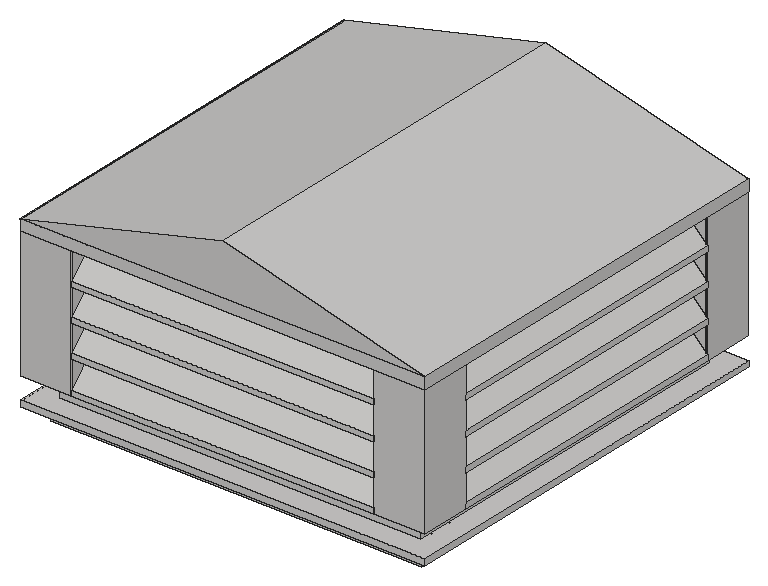
Revit family "Louver-Penthouse-Carnes-Post_Corner-PFAB", category Air Terminals, Revit 2012
Parameters (values of type "(See Type Catalog)")
  ecoScorecard_data = ""
  ecoScorecard Product Page = "http://ecoscorecard.com/"
  URL = "http://www.carnes.com/index.html"
  Subcategory = "Louvers and Dampers"
  Specifications  URL = "http://www.carnes.com/Louvers/pdf/17136.pdf"
  Roof Pitch = if([1 In 12 Pitched Roof], 4.76°, 14.04°)  # 14.04°
  Rectangular Length = no
  Product Page URL = "http://www.carnes.com/Louvers/PFAB.htm"
  Product Line = "Galvanized Steel Penthouses"
  Pressure Drop = 0.00 Pa
  Pitched Roof Visibility = or([1 In 12 Pitched Roof], [3 in 12 Pitched Roof])  # yes
  Outside Width [instance] = Louver Width + (1 1/2" * 2) + (3 1/4" * 2)  # 57 1/2"
  Outside Length [instance] = Length Control + (1 1/2" * 2) + (3 1/4" * 2)  # 57 1/2"
  Model = "PFAB"
  Minimum Size = "12\"W x 12\"L x 12\"H"
  Meets Building Code Standards = "See Catalog URL"
  Maximum Size Note = "72\"W x 220\"L x 80\"H, unlimited size with multiple section assembly."
  Manufacturer Phone = "608-845-6411"
  Manufacturer Fax = "608-845-6470"
  Manufacturer Email = "mailto:carnes@carnes.com"
  Manufacturer Address = "448 S. Main St., P. O. Box 930040, Verona, WI 53593-0040"
  Manufacturer = "Carnes Company"
  Louver Width = 48"
  Louver Length = if(Rectangular Length, Custom Length, Louver Width)  # 48"
  Louver Height = 24"
  Height Note = "User should verify available heights in Spec Sheet URL"
  Free Area Note = "See Spec Sheet URL"
  Free Area = 0.00 SF
  Frame Material = Steel - Carnes - Galvanized
  Flat Roof = no
  Description = "Galvanized Steel Penthouses"
  Length Control = if(Rectangular Length, Custom Length, Louver Length)  # 48"
  Custom Length = 220"
  Cost Info = "mailto:carnes@carnes.com"
  Corners Covers Height = if(Louver Height - 1 1/2" - (Blades Quantity * 4 5/8") < 7/8", (Blades Quantity * 4 5/8" - 4 5/8"), (Blades Quantity * 4 5/8"))  # 18 1/2"
  Connector Description 1 = "Duct Connection 1"
  Catalog URL = "http://www.carnes.com/Louvers/pdf/f70-71.pdf"
  Blades Width = Louver Width + (1 1/2" * 2)  # 51"
  Blades Quantity Control = if(Louver Height = 10", 2, if(Louver Height - 1 1/2" - (Blades Quantity * 4 5/8") < 7/8", Blades Quantity - 1, Blades Quantity))  # 4
  Blades Quantity = (Louver Height - 1 1/2") / 4 5/8"  # 5
  Blades Length = Length Control + (1 1/2" * 2)  # 51"
  Blade Material = Steel - Carnes - Galvanized
  Assembly Code = "D3090700"
  95 CSI = "10200"
  3 in 12 Pitched Roof = yes
  1 In 12 Pitched Roof = no
  04 CSI = "08 91 00"
Reference planes (in)
  plane 1 "Center (Front/Back)": y = 0
  plane 2: z = 0
  plane 3 "Center (Left/Right)": x = 0
  plane 4 "Right": x = 24
  plane 5: y = 24
  plane 6: z = 22.5
  plane 7 "Left": x = -24
  plane 8: y = -24
  plane 9: x = -25.5
  plane 10: x = 25.5
  plane 11: x = -28.75
  plane 12: x = 28.75
  plane 13: y = 25.5
  plane 14: y = -25.5
  plane 15: y = 28.75
  plane 16: y = -28.75
  plane 17: z = 24
Forms (in)
  Sweep 1, solid, material "Steel - Carnes - Galvanized" <- "Frame Material"
    path origin (0, 0, 0) x (1, 0, 0) y (0, 1, 0)
      loop
        line (-24, 24) -> (-24, -24) -> (24, -24) -> (24, 24) -> (-24, 24)
    profile origin (24, 0, 0) x (1, 0, 0) y (0, 0, 1)
      loop
        line (0, 22.5) -> (0, 0) -> (2.25, 0) -> (2.25, -2) -> (2.375, -2) -> (2.375, 0.125) -> (1.75, 0.125) -> (1.75, 0.75) -> (4.625, 0.75) -> (4.625, 0) -> (4.75, 0) -> (4.75, 0.875) -> (1.625, 0.875) -> (1.625, 22.375) -> (4.75, 22.375) -> (4.75, 24) -> (4.625, 24) -> (4.625, 22.5) -> (0, 22.5)
  Sweep 2, solid, material "Steel - Carnes - Galvanized" <- "Frame Material", visible <- "Pitched Roof Visibility"
    path origin (0, 0, 0) x (1, 0, 0) y (0, 1, 0)
      loop
        line (0, -28.75) -> (0, 28.75)
    profile origin (0, 0, 0) x (-1, 0, 0) y (0, 0, 1)
      loop
        line (28.75, 24) -> (0, 31.1895) -> (-28.75, 24) -> (28.75, 24)
  Sweep 3, solid, material "Steel - Carnes - Galvanized" <- "Frame Material", visible <- "Flat Roof"
    path origin (0, 0, 0) x (1, 0, 0) y (0, 0, 1)
      loop
        line (0, 22.5) -> (0, 24)
    profile origin (0, 0, 23.25) x (-1, 0, 0) y (0, -1, 0)
      loop
        line (28.625, -28.625) -> (28.625, 28.625) -> (-28.625, 28.625) -> (-28.625, -28.625) -> (28.625, -28.625)
  Sweep 4, solid, material "Steel - Carnes - Galvanized"
    path origin (0, 0, 0) x (1, 0, 0) y (0, 0, 1)
      loop
        line (0, 22.375) -> (0, 4)
    profile origin (0, 0, 13.1875) x (0, -1, 0) y (1, 0, 0)
      loop
        line (28.75, -28.75) -> (28.75, -21.5) -> (28.625, -21.5) -> (28.625, -28.625) -> (21.5, -28.625) -> (21.5, -28.75) -> (28.75, -28.75)
      loop
        line (-28.75, -28.75) -> (-21.5, -28.75) -> (-21.5, -28.625) -> (-28.625, -28.625) -> (-28.625, -21.5) -> (-28.75, -21.5) -> (-28.75, -28.75)
      loop
        line (-28.75, 28.75) -> (-28.75, 21.5) -> (-28.625, 21.5) -> (-28.625, 28.625) -> (-21.5, 28.625) -> (-21.5, 28.75) -> (-28.75, 28.75)
      loop
        line (28.75, 28.75) -> (21.5, 28.75) -> (21.5, 28.625) -> (28.625, 28.625) -> (28.625, 21.5) -> (28.75, 21.5) -> (28.75, 28.75)
      loop
        line (-21.5, -21.5) -> (-28.5, -21.5) -> (-28.5, -21.625) -> (-21.625, -21.625) -> (-21.625, -28.5) -> (-21.5, -28.5) -> (-21.5, -21.5)
      loop
        line (-21.5, 21.5) -> (-21.5, 28.5) -> (-21.625, 28.5) -> (-21.625, 21.625) -> (-28.5, 21.625) -> (-28.5, 21.5) -> (-21.5, 21.5)
      loop
        line (21.5, 21.5) -> (28.5, 21.5) -> (28.5, 21.625) -> (21.625, 21.625) -> (21.625, 28.5) -> (21.5, 28.5) -> (21.5, 21.5)
      loop
        line (21.5, -21.5) -> (21.5, -28.5) -> (21.625, -28.5) -> (21.625, -21.625) -> (28.5, -21.625) -> (28.5, -21.5) -> (21.5, -21.5)
Lines and regions (in)
  Masking region 1
    outline origin (0, 0, 0) x (1, 0, 0) y (0, 1, 0)
      loop
        line (-28.75, 28.75) -> (-28.75, -28.75) -> (28.75, -28.75) -> (28.75, 28.75) -> (-28.75, 28.75)
  reference lines
    curve 1: line (-28.75, 0, 24) -> (-7.33248, 0, 29.35587)
    curve 2: line (28.75, 0, 24) -> (7.33248, 0, 29.35587)
  symbolic lines, style "DuctAccessory", visible <- "Pitched Roof Visibility"
    curve 3: line (0, 28.75, 0) -> (0, -28.75, 0)
Dimensions and locks (in)
  equal spacing: plane 7 "Left", plane 3 "Center (Left/Right)", plane 4 "Right"
  "Louver Width": plane 7 "Left" to plane 4 "Right"
  equal spacing: plane 5, plane 1 "Center (Front/Back)", plane 8
  "Length Control": plane 5 to plane 8
  locked: plane 9 to plane 7 "Left" at 1.5
  locked: plane 4 "Right" to plane 10 at 1.5
  plane 13 to plane 5 = 1 1/2"
  plane 14 to plane 8 = 1 1/2"
  locked: plane 10 to Sweep 1 sketch curve at 0.125
  locked: plane 6 to Sweep 1 sketch curve at 0.125
  locked: Sweep 1 sketch curve to plane 12 at 0.125
  locked: plane 17 to plane 6 at 1.5
  "Louver Height": plane 17 to plane 2
  plane 4 "Right" to Sweep 1 sketch curve to Sweep 1 sketch curve = 2 1/4" locked, 1/8" locked
  Sweep 1 sketch curve to Sweep 1 sketch curve to plane 2 = 1/8" locked, 3/4" locked
  locked: plane 12 to Sweep 1 sketch curve at 0.125
  equal spacing: group 1, group 2, group 3, group 4  (x2)
  equal spacing: group 4, group 3, group 2, group 1
  locked: nested 1 to nested 2 at 4.625
  locked: Sweep 3 sketch curve to plane 16 at 0.125
  locked: Sweep 3 sketch curve to plane 12 at 0.125
  locked: plane 11 to Sweep 3 sketch curve at 0.125
  locked: plane 15 to Sweep 3 sketch curve at 0.125
  equal spacing: plane 11, plane 3 "Center (Left/Right)", plane 12
  "Outside Width": plane 11 to plane 12
  equal spacing: plane 15, plane 1 "Center (Front/Back)", plane 16
  "Outside Length": plane 15 to plane 16
  "Corners Covers Height": plane 6 to Sweep 4 sketch curve
  locked: plane 6 to Sweep 4 sketch curve at 0.125
  locked: plane 15 to Sweep 4 sketch curve at 0.125  (x2)
  locked: plane 11 to Sweep 4 sketch curve at 0.125  (x2)
  plane 11 to Sweep 4 sketch curve to Sweep 4 sketch curve to Sweep 4 sketch curve = 1/4" locked, 6 7/8" locked, 1/8" locked  (x2)
  locked: Sweep 4 sketch curve to plane 12 at 0.125  (x2)
  plane 15 to Sweep 4 sketch curve to Sweep 4 sketch curve to Sweep 4 sketch curve = 1/4" locked, 6 7/8" locked, 1/8" locked  (x2)
  Sweep 4 sketch curve to Sweep 4 sketch curve to Sweep 4 sketch curve to plane 12 = 1/8" locked, 6 7/8" locked, 1/4" locked  (x2)
  locked: Sweep 4 sketch curve to plane 16 at 0.125  (x2)
  Sweep 4 sketch curve to Sweep 4 sketch curve to Sweep 4 sketch curve to plane 16 = 1/8" locked, 6 7/8" locked, 1/4" locked
  plane 16 to Sweep 4 sketch curve to Sweep 4 sketch curve to Sweep 4 sketch curve = 1/4" locked, 6 7/8" locked, 1/8" locked
  "Roof Pitch": angle plane 17 to curve 1
  "Roof Pitch": angle curve 2 to plane 17
  aligned and locked: Sweep 1 sketch curve to plane 7 "Left"
  aligned and locked: Sweep 1 sketch curve to plane 4 "Right"  (x2)
  aligned and locked: Sweep 1 sketch curve to plane 5
  aligned and locked: Sweep 1 sketch curve to plane 8
  aligned and locked: plane 2 to Sweep 1 sketch curve
  aligned and locked: Sweep 1 sketch curve to plane 6
  aligned and locked: plane 12 to Sweep 1 sketch curve  (x2)
  aligned and locked: Sweep 1 sketch curve to plane 2
  aligned and locked: Sweep 1 sketch curve to plane 17
  aligned and locked: plane 1 "Center (Front/Back)" to nested 1
  aligned and locked: nested 1 to plane 3 "Center (Left/Right)"
  aligned and locked: plane 6 to nested 1
  aligned and locked: plane 15 to Sweep 2 sketch curve
  aligned and locked: plane 16 to Sweep 2 sketch curve
  aligned and locked: Sweep 2 sketch curve to plane 3 "Center (Left/Right)"
  aligned and locked: Sweep 2 sketch curve to plane 17
  aligned and locked: plane 12 to Sweep 2 sketch curve
  aligned and locked: plane 6 to Sweep 3 sketch curve
  aligned and locked: plane 17 to Sweep 3 sketch curve
  aligned and locked: plane 3 "Center (Left/Right)" to Sweep 3 sketch curve
  aligned and locked: plane 11 to curve 1
  aligned and locked: plane 17 to curve 1
  aligned and locked: plane 12 to curve 2
  aligned and locked: curve 2 to plane 17
  aligned and locked: Sweep 2 sketch curve to curve 2
  aligned and locked: Sweep 2 sketch curve to curve 1
  aligned and locked: plane 11 to Masking region 1 sketch curve
  aligned and locked: Masking region 1 sketch curve to plane 12
  aligned and locked: plane 15 to curve 3
  aligned and locked: plane 16 to curve 3
  aligned and locked: curve 3 to plane 3 "Center (Left/Right)"
  aligned and locked: Sweep 4 sketch curve to plane 3 "Center (Left/Right)"
  aligned and locked: Sweep 4 sketch curve to plane 11  (x2)
  aligned and locked: plane 15 to Sweep 4 sketch curve  (x2)
  aligned and locked: plane 12 to Sweep 4 sketch curve  (x2)
  aligned and locked: Sweep 4 sketch curve to plane 16  (x2)
Automatic sketch dimensions
  Sweep 1 sketch curve to Sweep 1 sketch curve = 1/8"
  Sweep 1 sketch curve to level = 2"
  level to Sweep 1 sketch curve = 1/8"
  Masking region 1 sketch curve to plane 16 = 0"
  plane 15 to Masking region 1 sketch curve = 0"
  Sweep 4 sketch curve to Sweep 4 sketch curve = 1/8"
  Sweep 4 sketch curve to Sweep 4 sketch curve = 0"  (x7)
Nested families (in)
  nested 1: "Louver-Penthouse-Carnes-Blade-Post_Corner.rfa" at (0, -0.375, 20.1875), type "Standard"
  nested 2: "Louver-Penthouse-Carnes-Blade-Post_Corner.rfa" at (0, -0.375, 15.5625), type "Standard"
  nested 3: "Louver-Penthouse-Carnes-Blade-Post_Corner.rfa" at (0, -0.375, 10.9375), type "Standard"
  nested 4: "Louver-Penthouse-Carnes-Blade-Post_Corner.rfa" at (0, -0.375, 6.3125), type "Standard"
Connectors (in)
  hvac at (0, 0, 0), driven by "Length Control", driven by "Louver Width"
    settings: on Sweep 1, index 1, duct flow 0 CFM, flow factor 0, pres drop 0.00 Pa, loss coef 0, conn angle 0.00°, conn width 48", conn height 48", conn radius 12", duct sys type 1, conn prof type 1, flow config 0, flow direction 0, loss method 0, conn ref index -1, conn util no, is conn primary yes, conn desc ""
Definition of nested family "Louver-Penthouse-Carnes-Blade-Post_Corner.rfa"
  Parameters (values of type "Standard")
    Width = 51"
    Blade Material = none
    Length = 51"
    Assembly Code = ""
  Reference planes (in)
    plane 1 "Center (Front/Back)": y = 0.375
    plane 2: z = 0
    plane 3 "Center (Left/Right)": x = 0
    plane 4: y = 25.875
    plane 5: y = -25.125
    plane 6: z = 2.3125
    plane 7: z = -2.3125
    plane 8: x = -25.5
    plane 9: x = 25.5
  Forms (in)
    Sweep 1, solid, material <- "Blade Material"
      path origin (0, 0, 0) x (1, 0, 0) y (0, 1, 0)
        loop
          line (-25.5, 25.875) -> (-25.5, -25.125) -> (25.5, -25.125) -> (25.5, 25.875) -> (-25.5, 25.875)
      profile origin (0, 25.875, 0) x (0, 1, 0) y (0, 0, 1)
        loop
          line (0, 2.3125) -> (0, 1.53125) -> (3.125, -1.59375) -> (3.125, -2.3125) -> (3.25, -2.3125) -> (3.25, -1.54197) -> (0.125, 1.58303) -> (0.125, 2.3125) -> (0, 2.3125)
    Sweep 2, void
      path origin (0, 0.375, 0) x (1, 0, 0) y (0, 0, 1)
        loop
          line (0, 8.6875) -> (0, -8.6875)
      profile origin (0, 0.375, 0) x (0, -1, 0) y (1, 0, 0)
        loop
          line (-29.5, -29.5) -> (-21.5, -29.5) -> (-21.5, -21.5) -> (-29.5, -21.5) -> (-29.5, -29.5)
        loop
          line (-29.5, 29.5) -> (-29.5, 21.5) -> (-21.5, 21.5) -> (-21.5, 29.5) -> (-29.5, 29.5)
        loop
          line (29.5, -29.5) -> (29.5, -21.5) -> (21.5, -21.5) -> (21.5, -29.5) -> (29.5, -29.5)
        loop
          line (29.5, 29.5) -> (21.5, 29.5) -> (21.5, 21.5) -> (29.5, 21.5) -> (29.5, 29.5)
  Cuts and joins
    Sweep 2 cuts Sweep 1
  Dimensions and locks (in)
    equal spacing: plane 7, plane 2, plane 6
    equal spacing: plane 8, plane 3 "Center (Left/Right)", plane 9
    "Width": plane 8 to plane 9
    equal spacing: plane 4, plane 1 "Center (Front/Back)", plane 5
    "Length": plane 4 to plane 5
    locked: plane 6 to plane 7 at 4.625
    Sweep 1 sketch curve to Sweep 1 sketch curve to plane 4 = 1/8" locked, 3 1/8" locked
    locked: Sweep 1 sketch curve to plane 4 at 0.125
    locked: Sweep 1 sketch curve to Sweep 1 sketch curve at 0.125
    equal spacing: Sweep 2 sketch curve, plane 2, Sweep 2 sketch curve, locked at 8.6875 each
    Sweep 2 sketch curve to plane 8 to Sweep 2 sketch curve = 4" locked, 4" locked  (x2)
    Sweep 2 sketch curve to plane 4 to Sweep 2 sketch curve = 4" locked, 4" locked  (x2)
    Sweep 2 sketch curve to plane 9 to Sweep 2 sketch curve = 4" locked, 4" locked  (x2)
    Sweep 2 sketch curve to plane 5 to Sweep 2 sketch curve = 4" locked, 4" locked  (x2)
    aligned and locked: plane 8 to Sweep 1 sketch curve
    aligned and locked: plane 4 to Sweep 1 sketch curve
    aligned and locked: Sweep 1 sketch curve to plane 9
    aligned and locked: plane 5 to Sweep 1 sketch curve
    aligned and locked: Sweep 1 sketch curve to plane 4
    aligned and locked: Sweep 1 sketch curve to plane 6
    aligned and locked: Sweep 1 sketch curve to plane 7
    aligned and locked: Sweep 2 sketch curve to plane 3 "Center (Left/Right)"
  Automatic sketch dimensions
    Sweep 1 sketch curve to Sweep 1 sketch curve = 0.05178"
    Sweep 1 sketch curve to Sweep 1 sketch curve = 23/32"
    plane 7 to Sweep 2 sketch curve = 6 3/8"
